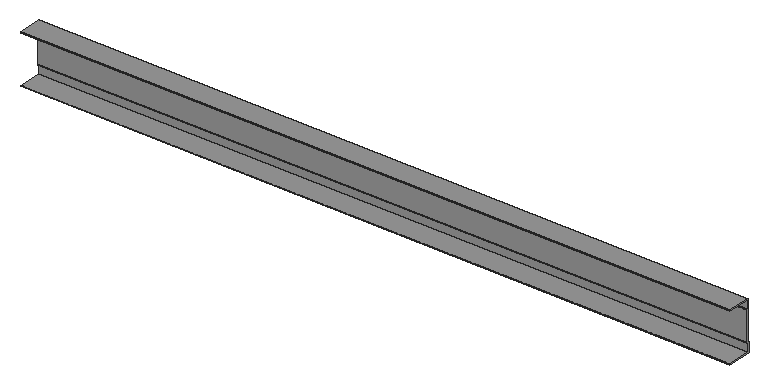
Revit family "CEMCO-VIPER-VT", category Structural Framing, Revit 2026
Family settings
  Section Shape = Not Defined
  Material for Model Behavior = Steel
  Always export as geometry = No
  Always vertical = Yes
  Cut with Voids When Loaded = No
  Symbolic Representation = From Project Settings
  Shared = No
  Show family pre-cut in plan views = Yes
Parameters (values of type "362VT125-33")
  tf = 0' - 0 1/16"
  r = 0' - 0"
  fy = 50
  Weight = 0.72 lbf/ft
  URL = "https://cemcosteel.com/product-category/steel-framing-viperstud/"
  Structural Material [instance] = Steel, Galvanized
  Short Tag = ""
  Product Submittal Link = "https://cemcosteel.com/product-category/steel-framing-vipertracks/"
  Product Info = "Viper Tracks"
  OPH = d / 5  # 0' - 0.8"
  OP = 0' - 0 3/64"
  Model = "V2"
  Manufacturer = "CEMCO"
  Long Tag = ""
  Keynote = "092216"
  Description = "CEMCO Interior Non-Load Bearing Viper Traks"
  A = 0.25 in²
  Assembly Code = "C1010100"
  Length [instance] = 5' - 0"
  W = 0.85
  bf = 0' - 2"
  d = 0' - 4"
  temp_tf = if(tf < 0' 0 1/32", 0' 0 1/32", tf)  # 0' - 0 1/16"
Types (2): name | Weight
  Default | 0.00 lbf/ft
  362VT125-33 | 0.72 lbf/ft
Reference planes (in)
  plane 1 "Center (Front/Back)": y = 0
  plane 2: z = 0
  plane 3 "Center (Left/Right)": x = 0.1815
  plane 4 "Top": z = 2.0625
  plane 5: z = -2.0625
  plane 6 "Left": x = -29.8185
  plane 7 "Right": x = 30.1815
  plane 8: y = -1
  plane 9: y = 1
  plane 10: y = 0.9375
  plane 11: z = 2
  plane 12: z = -2
  plane 13: z = -1.2625
  plane 14: z = 1.2625
  plane 15: y = 0.95312
  plane 16: y = 0.89062
Forms (in)
  Extrusion 1, solid, material "Steel, Galvanized" <- "Structural Material", detail levels medium+fine
    sketch origin (-29.8185, 0.02734, 0.16016) x (0, -1, 0) y (0, 0, 1)
      loop
        line (1.02734, 1.90234) -> (-0.97266, 1.90234) -> (-0.97266, 1.10234) -> (-0.92578, 1.05547) -> (-0.92578, -1.37578) -> (-0.97266, -1.42266) -> (-0.97266, -2.22266) -> (1.02734, -2.22266) -> (1.02734, -2.16016) -> (-0.91016, -2.16016) -> (-0.91016, -1.44854) -> (-0.86328, -1.40167) -> (-0.86328, 1.08136) -> (-0.91016, 1.12823) -> (-0.91016, 1.83984) -> (1.02734, 1.83984) -> (1.02734, 1.90234)
    from -60 to 0
Lines and regions (in)
  model lines, style "BIMSF.Framing", detail levels coarse
    curve 1: line (-29.8185, 0, 0) -> (30.1815, 0, 0)
Dimensions and locks (in)
  "d": plane 12 to plane 11
  equal spacing: plane 5, plane 2, plane 4 "Top"
  "Length": plane 6 "Left" to plane 7 "Right"
  "bf": plane 9 to plane 8
  equal spacing: plane 9, plane 1 "Center (Front/Back)", plane 8
  "temp_tf": plane 4 "Top" to plane 11
  "temp_tf": plane 12 to plane 5
  "temp_tf": plane 9 to plane 10
  "OPH": plane 5 to plane 13
  "OPH": plane 14 to plane 4 "Top"
  "temp_tf": plane 15 to plane 16
  "OP": plane 9 to plane 15
  "temp_tf": Extrusion 1 sketch curve to Extrusion 1 sketch curve  (x2)
  angle Extrusion 1 sketch curve to plane 14 = 45.00°
  angle plane 13 to Extrusion 1 sketch curve = 45.00°
  aligned and locked: Extrusion 1 sketch curve to plane 4 "Top"
  aligned and locked: plane 8 to Extrusion 1 sketch curve  (x2)
  aligned and locked: Extrusion 1 sketch curve to plane 11
  aligned and locked: plane 10 to Extrusion 1 sketch curve
  aligned and locked: plane 12 to Extrusion 1 sketch curve
  aligned and locked: plane 5 to Extrusion 1 sketch curve
  aligned and locked: Extrusion 1 sketch curve to plane 9
  aligned and locked: plane 2 to level
  aligned and locked: Extrusion 1 to plane 7 "Right"
  aligned and locked: plane 6 "Left" to Extrusion 1
  aligned and locked: plane 1 "Center (Front/Back)" to curve 1
  aligned and locked: plane 6 "Left" to curve 1
  aligned and locked: plane 7 "Right" to curve 1
  aligned and locked: Extrusion 1 to plane 15
  aligned and locked: plane 16 to Extrusion 1
Automatic sketch dimensions
  Extrusion 1 sketch curve to plane 9 = 0' - 0"
  Extrusion 1 sketch curve to plane 10 = 0' - 0"
  Extrusion 1 sketch curve to plane 13 = 0' - 0"
  Extrusion 1 sketch curve to plane 14 = 0' - 0"
  plane 16 to Extrusion 1 sketch curve = 0' - 0"
  Extrusion 1 sketch curve to plane 10 = 0' - 0 1/64"
